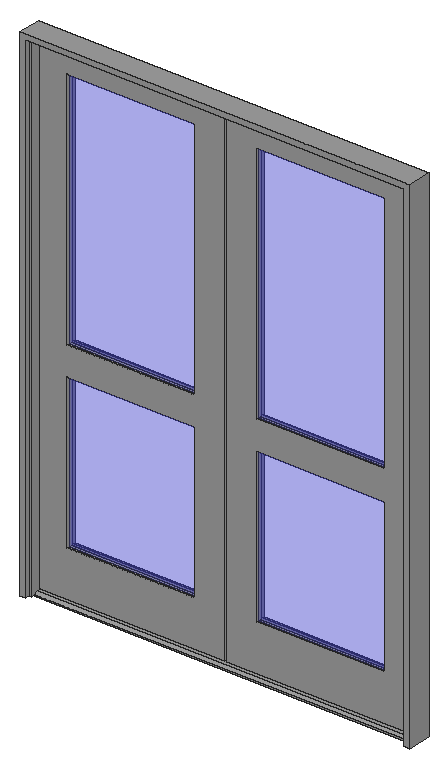
Revit family "WS-500 DOOR-Double-VIP-1-PD-CW_v05", category Curtain Panels, Revit 2015
Parameters
  Width [instance] = 6' - 2"
  VIP2 Panic Devices [instance] = not(VIP1 Panic Devices)  # yes
  URL = "obe.com"
  Rough Width [instance] = 6' - 0"
  Panel Width [instance] = Min Panel Width  # 6' - 0"
  Panel Offset [instance] = 0' - 0"
  Offset [instance] = 0' - 1"
  Model = "WS-500 DOOR"
  Min Rough Width [instance] = if(Rough Width > 6' 1 255/256", Rough Width, 6' 2")  # 6' - 2"
  Min Panel Width [instance] = if(Rough Width > 6' 1 255/256", Rough Width - 0' 2", 6' 0")  # 6' - 0"
  Manufacturer = "Oldcastle BuildingEnvelope®"
  Keynote = "08 11 00"
  Height [instance] = 8' - 0"
  Pushbar Height [instance] = 3' - 5 1/4"  # constant formula
  Glass Material = Glass
  Frame Material = Aluminum
  Door Panel Height [instance] = Height - 0' 0 19/32"  # 7' - 11 13/32"
  Description = "WS-500 - 1\" Door Infill"
  Assembly Code = "B2030"
  Analytic Construction = "<None>"
  VIP1 Panic Devices [instance] = no
  10 Bottom Rail [instance] = not([8 Bottom Rail])  # no
  8 Bottom Rail [instance] = yes
Reference planes (in)
  plane 1 "Front": y = 0
  plane 2: z = 0
  plane 3 "Center (Left/Right)": x = 0
  plane 4 "Left": x = -37
  plane 5 "Right": x = 37
  plane 6 "Top": z = 96
  plane 7 "Offset": y = -1
  plane 8: y = -2.28244
  plane 9: y = -2.28244
  plane 10: x = -37
  plane 11: x = 37
Forms (in)
  Sweep 1, solid, material "Aluminum" <- "Frame Material"
    path origin (0, -1, 0) x (-1, 0, 0) y (0, 0, 1)
      loop
        line (37, 0) -> (37, 96)
    profile origin (-37, -1, 48) x (1, 0, 0) y (0, 1, 0)
      loop
        line (1, -1.97) -> (1, 0) -> (0, 0) -> (0, -4.5) -> (1, -4.5) -> (1, -3.595) -> (1.5, -3.595) -> (1.5, -1.97) -> (1, -1.97)
  Sweep 2, solid, material "Aluminum" <- "Frame Material"
    path origin (0, -1, 0) x (-1, 0, 0) y (0, 0, 1)
      loop
        line (-37, 0) -> (-37, 96)
    profile origin (37, -1, 48) x (1, 0, 0) y (0, 1, 0)
      loop
        line (-1, -1.97) -> (-1.5, -1.97) -> (-1.5, -3.595) -> (-1, -3.595) -> (-1, -4.5) -> (0, -4.5) -> (0, 0) -> (-1, 0) -> (-1, -1.97)
  Extrusion 3, solid, material "Aluminum" <- "Frame Material"
    sketch origin (-37, 0, 0) x (0, -1, 0) y (0, 0, 1)
      loop
        line (2.97, 94.5) -> (4.595, 94.5) -> (4.595, 95) -> (5.5, 95) -> (5.5, 96) -> (1, 96) -> (1, 95) -> (2.97, 95) -> (2.97, 94.5)
    from -74 to 0
Cuts and joins
  joined: Sweep 1, Sweep 2, Extrusion 3
Text (in)
  text "Exterior" at (-54.29358, 31.38743, 0), in view "Ref. Level"
  text "Exterior" at (480, 41.53993, 89.60405), in view "Right"
  text "Exterior" at (-240, 57.82419, 105.78864), in view "Left"
Dimensions and locks (in)
  equal spacing: plane 4 "Left", plane 3 "Center (Left/Right)", plane 5 "Right"
  "Width": plane 4 "Left" to plane 5 "Right"
  "Height": plane 6 "Top" to plane 2
  "Offset": plane 1 "Front" to plane 7 "Offset"
  locked: plane 7 "Offset" to plane 8 at 1.28244
  locked: plane 7 "Offset" to plane 9 at 1.28244
  locked: plane 7 "Offset" to nested 3 at 1.28244
  Extrusion 3 sketch curve to Extrusion 3 sketch curve to Extrusion 3 sketch curve = 0' - 0 1/2" locked, 0' - 0" locked
  Extrusion 3 sketch curve to Extrusion 3 sketch curve to Extrusion 3 sketch curve to Extrusion 3 sketch curve = 0' - 1.97" locked, 0' - 1 5/8" locked, 0' - 0.905" locked
  locked: Extrusion 3 sketch curve to Extrusion 3 sketch curve at 1
  equal spacing: plane 10, plane 3 "Center (Left/Right)", plane 11
  "Min Rough Width": plane 10 to plane 11
  aligned and locked: level to plane 2
  aligned and locked: nested 1 to plane 8
  aligned and locked: plane 9 to nested 2
  aligned and locked: plane 6 "Top" to Sweep 1 sketch curve
  aligned and locked: level to Sweep 1 sketch curve
  aligned and locked: plane 6 "Top" to Sweep 2 sketch curve
  aligned and locked: level to Sweep 2 sketch curve
  aligned and locked: plane 6 "Top" to nested 3
  aligned and locked: Extrusion 3 to plane 6 "Top"
  aligned and locked: Extrusion 3 sketch curve to plane 6 "Top"
  aligned and locked: plane 3 "Center (Left/Right)" to nested 4
  aligned and locked: nested 4 to plane 7 "Offset"  (x2)
  aligned and locked: nested 2 to plane 10
  aligned and locked: plane 11 to nested 1
  aligned and locked: Sweep 1 sketch curve to plane 10
  aligned and locked: plane 11 to Sweep 2 sketch curve
  aligned and locked: cut or joined group of Sweep 1, Sweep 2, Extrusion 3 to plane 11
  aligned and locked: cut or joined group of Sweep 1, Sweep 2, Extrusion 3 to plane 10
Automatic sketch dimensions
  Sweep 1 sketch curve to profile plane = 0' - 0"
  Sweep 1 sketch curve to plane 7 "Offset" = 0' - 0"
  Sweep 1 sketch curve to profile plane = 0' - 1"  (x2)
  Sweep 1 sketch curve to Sweep 1 sketch curve = 0' - 0 1/2"
  Sweep 1 sketch curve to plane 7 "Offset" = 0' - 1.97"
  Sweep 1 sketch curve to Sweep 1 sketch curve = 0' - 1 5/8"
  Sweep 1 sketch curve to Sweep 1 sketch curve = 0' - 0.905"
  Sweep 2 sketch curve to plane 7 "Offset" = 0' - 0"
  Sweep 2 sketch curve to profile plane = 0' - 0"
  profile plane to Sweep 2 sketch curve = 0' - 1"  (x2)
  Sweep 2 sketch curve to Sweep 2 sketch curve = 0' - 0 1/2"
  Sweep 2 sketch curve to plane 7 "Offset" = 0' - 1.97"
  Sweep 2 sketch curve to Sweep 2 sketch curve = 0' - 1 5/8"
  Sweep 2 sketch curve to Sweep 2 sketch curve = 0' - 0.905"
  Extrusion 3 sketch curve to plane 7 "Offset" = 0' - 0"
Nested families (in)
  nested 1: "2.5x6-RTCIG CW-H8533-DHD-OHD SC-DI" at (37, -2.28244, 0) x (0, -1, 0) z (0, 0, 1), type "2.5x6-RTCIG CW-H8533-DHD-OHD SC-DI"
  nested 2: "2.5x6-RTCIG CW-H8533-DHD-OHD SC-DI" at (-37, -2.28244, 0) x (0, -1, 0) z (0, 0, 1), type "2.5x6-RTCIG CW-H8533-DHD-OHD SC-DI"
  nested 3: "2.5x6-RTCIG CW-H8533-DHD-OHD SC-DI" at (-33, -2.28244, 96) x (0, -1, 0) z (-1, 0, 0), type "2.5x6-RTCIG CW-H8533-DHD-OHD SC-DI"
  nested 4: "WS-500 DOOR-Double-VIP-1-PD-Panel_v04" at (0, -17, 0), Height <- "Door Panel Height", Frame Material <- "Frame Material", Glass Material <- "Glass Material", Width <- "Min Panel Width", VIP1 Panic Devices <- "VIP1 Panic Devices", 8 Bottom Rail <- "8 Bottom Rail", type "WS-500 DOOR-Double-VIP-1-PD-Panel_v04"
    with Wing Width 3' - 0", built-in parameter 1001301 6' - 0", VIP2 Panic Devices yes, VIP1 Panic Devices no, Pushbar Height 3' - 5 1/4", Offset 0' - 0", built-in parameter 1001300 7' - 11 13/32", Glass at Muntin 0' - 4 15/16", Glass Material Glass, Frame Material Aluminum, Bottom Rail 0' - 9 5/32", 8 Bottom Rail yes, 10 Bottom Rail no
Definition of nested family "WS-500 DOOR-Double-VIP-1-PD-Panel_v04"
  Parameters (values of type "WS-500 DOOR-Double-VIP-1-PD-Panel_v04")
    Wing Width [instance] = Width / 2  # 3' - 0"
    Width [instance] = 6' - 0"
    VIP2 Panic Devices [instance] = not(VIP1 Panic Devices)  # no
    VIP1 Panic Devices [instance] = yes
    Offset [instance] = 0' - 10 29/32"
    Height [instance] = 8' - 0"
    Glass at Muntin [instance] = if(VIP1 Panic Devices, 0' 8 15/16", 0' 4 15/16")  # 0' - 8 15/16"
    Pushbar Height [instance] = 3' - 5 1/4"  # constant formula
    Glass Material [instance] = none
    Frame Material [instance] = none
    Bottom Rail [instance] = if([8 Bottom Rail], 0' 9 5/32", 0' 11 5/32")  # 0' - 9 5/32"
    Analytic Construction = "<None>"
    8 Bottom Rail [instance] = yes
    10 Bottom Rail [instance] = not([8 Bottom Rail])  # no
  Reference planes (in)
    plane 1 "Offset": y = 4.09375
    plane 2: z = 0
    plane 3 "Center (Left/Right)": x = 0
    plane 4: z = 96
    plane 5: x = 36
    plane 6: x = -36
    plane 7 "Center (Front/Back)": y = 16
    plane 8 "Exterior": y = 4.59375
    plane 9: z = 48
    plane 10: z = 36.78125
    plane 11: z = 45.71875
    plane 12: z = 91
    plane 13: z = 9.15625
    plane 14: y = 5.09375
    plane 15: z = 41.25
  Forms (in)
    Sweep 1, solid, material <- "Frame Material"
      path origin (0, 4.09375, 0) x (1, 0, 0) y (0, 0, 1)
        loop
          line (-35.798, 96) -> (-0.22004, 96)
      profile origin (-18.00902, 4.09375, 96) x (0, 0, 1) y (0, -1, 0)
        loop
          line (-0.40625, -0.875) -> (-0.40625, 0.875) -> (-5.28125, 0.875) -> (-5.28125, 0.5) -> (-5, 0.5) -> (-5, -0.5) -> (-5.28125, -0.5) -> (-5.28125, -0.875) -> (-0.40625, -0.875)
    Sweep 2, solid, material <- "Frame Material"
      path origin (0, 4.09375, 0) x (1, 0, 0) y (0, 0, 1)
        loop
          line (-0.22004, 0) -> (-35.798, 0)
      profile origin (-18.00902, 4.09375, 0) x (0, 0, -1) y (0, -1, 0)
        loop
          line (-9.4375, -0.875) -> (-0.6875, -0.875) -> (-0.6875, 0.875) -> (-9.4375, 0.875) -> (-9.4375, 0.5) -> (-9.15625, 0.5) -> (-9.15625, -0.5) -> (-9.4375, -0.5) -> (-9.4375, -0.875)
    Sweep 3, solid, material <- "Frame Material"
      path origin (0, 4.09375, 0) x (1, 0, 0) y (0, 0, 1)
        loop
          line (36, 95.59375) -> (36, 0.6875)
      profile origin (36, 4.09375, 48.14062) x (0, -1, 0) y (1, 0, 0)
        loop
          line (-0.875, -0.093) -> (-0.875, -5.843) -> (-0.5, -5.843) -> (-0.5, -5.56175) -> (0.5, -5.56175) -> (0.5, -5.843) -> (0.875, -5.843) -> (0.875, -0.202) -> (-0.875, -0.093)
    Sweep 4, solid, material <- "Frame Material"
      path origin (0, 4.09375, 0) x (1, 0, 0) y (0, 0, 1)
        loop
          line (-36, 95.59375) -> (-36, 0.6875)
      profile origin (-36, 4.09375, 48.14062) x (0, -1, 0) y (1, 0, 0)
        loop
          line (-0.875, 0.093) -> (0.875, 0.202) -> (0.875, 5.843) -> (0.5, 5.843) -> (0.5, 5.56175) -> (-0.5, 5.56175) -> (-0.5, 5.843) -> (-0.875, 5.843) -> (-0.875, 0.093)
    Sweep 5, solid, material <- "Frame Material"
      path origin (0, 4.09375, 0) x (1, 0, 0) y (0, 0, 1)
        loop
          line (-5.53125, 48) -> (-30.43825, 48)
      profile origin (-17.98475, 4.09375, 48) x (0, 0, -1) y (0, -1, 0)
        loop
          line (11.5, -0.875) -> (11.5, -0.5) -> (11.21875, -0.5) -> (11.21875, 0.5) -> (11.5, 0.5) -> (11.5, 0.875) -> (2, 0.875) -> (2, 0.5) -> (2.28125, 0.5) -> (2.28125, -0.5) -> (2, -0.5) -> (2, -0.875) -> (11.5, -0.875)
    Sweep 6, solid, material <- "Frame Material"
      path origin (0, 4.09375, 0) x (1, 0, 0) y (0, 0, 1)
        loop
          line (0, 95.59375) -> (0, 0.6875)
      profile origin (0, 4.09375, 48.14062) x (0, -1, 0) y (1, 0, 0)
        loop
          line (-0.875, -0.22063) -> (-0.875, -5.8125) -> (-0.5, -5.8125) -> (-0.5, -5.53125) -> (0.5, -5.53125) -> (0.5, -5.8125) -> (0.875, -5.8125) -> (0.875, -0.22063)
          arc (0.875, -0.22063) -> (0, -0.0625) -> (-0.875, -0.22063) r 2.5
        loop
          line (0.875, 5.8125) -> (0.5, 5.8125) -> (0.5, 5.53125) -> (-0.5, 5.53125) -> (-0.5, 5.8125) -> (-0.875, 5.8125) -> (-0.875, 0.22063)
          arc (-0.875, 0.22063) -> (0, 0.0625) -> (0.875, 0.22063) r 2.5
          line (0.875, 0.22063) -> (0.875, 5.8125)
    Sweep 7, solid, material <- "Frame Material"
      path origin (0, 4.09375, 0) x (1, 0, 0) y (0, 0, 1)
        loop
          line (0.22004, 96) -> (35.798, 96)
      profile origin (18.00902, 4.09375, 96) x (0, 0, 1) y (0, -1, 0)
        loop
          line (-0.40625, -0.875) -> (-0.40625, 0.875) -> (-5.28125, 0.875) -> (-5.28125, 0.5) -> (-5, 0.5) -> (-5, -0.5) -> (-5.28125, -0.5) -> (-5.28125, -0.875) -> (-0.40625, -0.875)
    Sweep 8, solid, material <- "Frame Material"
      path origin (0, 4.09375, 0) x (1, 0, 0) y (0, 0, 1)
        loop
          line (30.43825, 48) -> (5.53125, 48)
      profile origin (17.98475, 4.09375, 48) x (0, 0, -1) y (0, -1, 0)
        loop
          line (11.5, -0.875) -> (11.5, -0.5) -> (11.21875, -0.5) -> (11.21875, 0.5) -> (11.5, 0.5) -> (11.5, 0.875) -> (2, 0.875) -> (2, 0.5) -> (2.28125, 0.5) -> (2.28125, -0.5) -> (2, -0.5) -> (2, -0.875) -> (11.5, -0.875)
    Sweep 9, solid, material <- "Frame Material"
      path origin (0, 4.09375, 0) x (1, 0, 0) y (0, 0, 1)
        loop
          line (35.798, 0) -> (0.22004, 0)
      profile origin (18.00902, 4.09375, 0) x (0, 0, -1) y (0, -1, 0)
        loop
          line (-9.4375, -0.5) -> (-9.4375, -0.875) -> (-0.6875, -0.875) -> (-0.6875, 0.875) -> (-9.4375, 0.875) -> (-9.4375, 0.5) -> (-9.15625, 0.5) -> (-9.15625, -0.5) -> (-9.4375, -0.5)
    Extrusion 10, solid, material <- "Glass Material", detail levels coarse
      sketch origin (0, 0, 0) x (1, 0, 0) y (0, 1, 0)
        loop
          line (-30.43825, 4.59375) -> (-30.43825, 3.59375) -> (-5.53125, 3.59375) -> (-5.53125, 4.59375) -> (-30.43825, 4.59375)
      from 9.15625 to 36.78125
    Extrusion 11, solid, material <- "Glass Material", detail levels coarse
      sketch origin (0.31207, 0, 0) x (1, 0, 0) y (0, 1, 0)
        loop
          line (5.53125, 4.59375) -> (5.53125, 3.59375) -> (30.12618, 3.59375) -> (30.12618, 4.59375) -> (5.53125, 4.59375)
      from 9.15625 to 36.78125
    Extrusion 12, solid, material <- "Glass Material", detail levels coarse
      sketch origin (0, 0, 0) x (1, 0, 0) y (0, 1, 0)
        loop
          line (-5.53125, 4.59375) -> (-30.43825, 4.59375) -> (-30.43825, 3.59375) -> (-5.53125, 3.59375) -> (-5.53125, 4.59375)
      from 45.71875 to 91
    Extrusion 13, solid, material <- "Glass Material", detail levels coarse
      sketch origin (0, 0, 0) x (1, 0, 0) y (0, 1, 0)
        loop
          line (30.43825, 4.59375) -> (5.53125, 4.59375) -> (5.53125, 3.59375) -> (30.43825, 3.59375) -> (30.43825, 4.59375)
      from 45.71875 to 91
    Extrusion 14, solid, material <- "Glass Material", detail levels medium+fine
      sketch origin (0, 0, 0) x (1, 0, 0) y (0, 1, 0)
        loop
          line (5.53125, 3.59375) -> (30.43825, 3.59375) -> (30.43825, 3.84175) -> (5.53125, 3.84175) -> (5.53125, 3.59375)
        loop
          line (30.43825, 4.59375) -> (5.53125, 4.59375) -> (5.53125, 4.34575) -> (30.43825, 4.34575) -> (30.43825, 4.59375)
      from 9.15625 to 36.78125
    Extrusion 15, solid, material <- "Glass Material", detail levels medium+fine
      sketch origin (0, 0, 0) x (1, 0, 0) y (0, 1, 0)
        loop
          line (30.43825, 3.59375) -> (30.43825, 3.84175) -> (5.53125, 3.84175) -> (5.53125, 3.59375) -> (30.43825, 3.59375)
        loop
          line (5.53125, 4.59375) -> (5.53125, 4.34575) -> (30.43825, 4.34575) -> (30.43825, 4.59375) -> (5.53125, 4.59375)
      from 45.71875 to 91
    Extrusion 16, solid, material <- "Glass Material", detail levels medium+fine
      sketch origin (0, 0, 0) x (1, 0, 0) y (0, 1, 0)
        loop
          line (-5.53125, 3.59375) -> (-5.53125, 3.84175) -> (-30.43825, 3.84175) -> (-30.43825, 3.59375) -> (-5.53125, 3.59375)
        loop
          line (-30.43825, 4.59375) -> (-30.43825, 4.34575) -> (-5.53125, 4.34575) -> (-5.53125, 4.59375) -> (-30.43825, 4.59375)
      from 45.71875 to 91
    Extrusion 17, solid, material <- "Glass Material", detail levels medium+fine
      sketch origin (0, 0, 0) x (1, 0, 0) y (0, 1, 0)
        loop
          line (-30.43825, 3.59375) -> (-5.53125, 3.59375) -> (-5.53125, 3.84175) -> (-30.43825, 3.84175) -> (-30.43825, 3.59375)
        loop
          line (-5.53125, 4.59375) -> (-30.43825, 4.59375) -> (-30.43825, 4.34575) -> (-5.53125, 4.34575) -> (-5.53125, 4.59375)
      from 9.15625 to 36.78125
    Sweep 18, solid, material <- "Frame Material"
      path origin (0, 4.09375, 0) x (1, 0, 0) y (0, 0, 1)
        loop
          line (-35.79762, 0) -> (35.79763, 0)
      profile origin (0, 4.09375, 0) x (0, 0, 1) y (0, -1, 0)
        loop
          line (0.5, -1.1555) -> (0.5, 1.5305) -> (0.19364, 2.1875) -> (0, 2.1875) -> (0, -1.8125) -> (0.19364, -1.8125) -> (0.5, -1.1555)
  Cuts and joins
    joined: Sweep 1, Sweep 2, Sweep 3, Sweep 4, Sweep 5, Sweep 6, Sweep 7, Sweep 8, Sweep 9
  Lines and regions (in)
    model lines
      curve 1: line (5.53125, 4.59375, 91) -> (30.53125, 4.59375, 48)
      curve 2: line (30.53125, 4.59375, 48) -> (5.53125, 4.59375, 9.15625)
      curve 3: line (-5.53125, 4.59375, 91) -> (-30.53125, 4.59375, 48)
      curve 4: line (-30.53125, 4.59375, 48) -> (-5.53125, 4.59375, 9.15625)
  Dimensions and locks (in)
    "Height": plane 4 to level
    "Width": plane 6 to plane 5
    "Offset": plane 14 to plane 7 "Center (Front/Back)"
    equal spacing: level, plane 9, plane 4
    locked: Sweep 2 sketch curve to plane 6 at 0.202
    locked: plane 3 "Center (Left/Right)" to Sweep 2 sketch curve at 0.22004
    locked: Sweep 3 sketch curve to plane 4 at 0.40625
    locked: Sweep 4 sketch curve to plane 4 at 0.40625
    locked: Sweep 1 sketch curve to plane 6 at 0.202
    locked: plane 3 "Center (Left/Right)" to Sweep 1 sketch curve at 0.22004
    locked: plane 3 "Center (Left/Right)" to Sweep 5 sketch curve at 5.53125
    locked: Sweep 5 sketch curve to plane 6 at 5.56175
    locked: Sweep 7 sketch curve to plane 3 "Center (Left/Right)" at 0.22004
    locked: plane 5 to Sweep 7 sketch curve at 0.202
    locked: plane 5 to Sweep 8 sketch curve at 5.56175
    locked: Sweep 8 sketch curve to plane 3 "Center (Left/Right)" at 5.53125
    locked: plane 5 to Sweep 9 sketch curve at 0.202
    locked: Sweep 9 sketch curve to plane 3 "Center (Left/Right)" at 0.22004
    "Bottom Rail": level to Extrusion 10
    Extrusion 11 sketch curve to plane 1 "Offset" to Extrusion 11 sketch curve = 0' - 0 1/2", 0' - 0 1/2"
    plane 3 "Center (Left/Right)" to Extrusion 11 sketch curve = 0' - 5.84332"
    Extrusion 10 sketch curve to plane 1 "Offset" to Extrusion 10 sketch curve = 0' - 0 1/2" locked, 0' - 0 1/2" locked
    locked: Extrusion 10 sketch curve to plane 3 "Center (Left/Right)" at 5.53125
    locked: Extrusion 12 sketch curve to plane 3 "Center (Left/Right)" at 5.53125
    Extrusion 12 sketch curve to plane 1 "Offset" to Extrusion 12 sketch curve = 0' - 0 1/2" locked, 0' - 0 1/2" locked
    Extrusion 13 sketch curve to plane 1 "Offset" to Extrusion 13 sketch curve = 0' - 0 1/2" locked, 0' - 0 1/2" locked
    locked: plane 3 "Center (Left/Right)" to Extrusion 13 sketch curve at 5.53125
    "Glass at Muntin": plane 10 to plane 11
    locked: plane 12 to plane 4 at 5
    locked: Sweep 8 sketch curve to plane 10 at 0.28125  (x2)
    locked: plane 11 to Sweep 8 sketch curve at 0.28125  (x2)
    locked: plane 13 to Sweep 9 sketch curve at 0.28125  (x2)
    locked: plane 3 "Center (Left/Right)" to Extrusion 14 sketch curve at 5.53125  (x2)
    Extrusion 14 sketch curve to Extrusion 14 sketch curve to plane 1 "Offset" to Extrusion 14 sketch curve to Extrusion 14 sketch curve = 0' - 0.248" locked, 0' - 0.252" locked, 0' - 0.252" locked, 0' - 0.248" locked
    Extrusion 15 sketch curve to Extrusion 15 sketch curve to plane 1 "Offset" to Extrusion 15 sketch curve to Extrusion 15 sketch curve = 0' - 0.248" locked, 0' - 0.252" locked, 0' - 0.252" locked, 0' - 0.248" locked
    locked: plane 3 "Center (Left/Right)" to Extrusion 15 sketch curve at 5.53125  (x2)
    locked: Sweep 5 sketch curve to plane 10 at 0.28125  (x2)
    locked: plane 11 to Sweep 5 sketch curve at 0.28125  (x2)
    locked: Extrusion 16 sketch curve to plane 3 "Center (Left/Right)" at 5.53125  (x2)
    Extrusion 17 sketch curve to Extrusion 17 sketch curve to plane 1 "Offset" to Extrusion 17 sketch curve to Extrusion 17 sketch curve = 0' - 0.248" locked, 0' - 0.252" locked, 0' - 0.252" locked, 0' - 0.248" locked
    locked: Extrusion 17 sketch curve to plane 3 "Center (Left/Right)" at 5.53125  (x2)
    locked: plane 13 to Sweep 2 sketch curve at 0.28125  (x2)
    plane 1 "Offset" to plane 8 "Exterior" to plane 14 = 0' - 0 1/2" locked, 0' - 0 1/2" locked
    locked: plane 4 to Sweep 6 sketch curve at 0.40625
    locked: plane 6 to Extrusion 16 sketch curve at 5.56175  (x2)
    locked: plane 6 to Extrusion 12 sketch curve at 5.56175
    locked: plane 6 to Extrusion 17 sketch curve at 5.56175  (x2)
    locked: plane 6 to Extrusion 10 sketch curve at 5.56175
    locked: Extrusion 15 sketch curve to plane 5 at 5.56175  (x2)
    locked: Extrusion 13 sketch curve to plane 5 at 5.56175
    Extrusion 14 sketch curve to plane 5 = 0' - 5.56175"  (x2)
    locked: Extrusion 11 sketch curve to plane 5 at 5.56175
    "Bottom Rail": plane 2 to plane 13
    equal spacing: plane 6, plane 3 "Center (Left/Right)", plane 5
    Extrusion 16 sketch curve to Extrusion 16 sketch curve to plane 1 "Offset" to Extrusion 16 sketch curve to Extrusion 16 sketch curve = 0' - 0.248" locked, 0' - 0.252" locked, 0' - 0.252" locked, 0' - 0.248" locked
    equal spacing: plane 10, plane 15, plane 11
    "Pushbar Height": plane 2 to plane 15
    locked: plane 5 to Sweep 18 sketch curve at 0.20237
    locked: Sweep 18 sketch curve to plane 6 at 0.20238
    locked: Sweep 4 sketch curve to plane 2 at 0.6875
    locked: Sweep 6 sketch curve to plane 2 at 0.6875
    locked: Sweep 3 sketch curve to plane 2 at 0.6875
    aligned and locked: plane 2 to level
    aligned and locked: Sweep 1 sketch curve to plane 4
    aligned and locked: Sweep 2 sketch curve to level
    aligned and locked: level to nested 1
    aligned and locked: nested 1 to plane 1 "Offset"
    aligned and locked: plane 5 to Sweep 3 sketch curve
    aligned and locked: plane 6 to Sweep 4 sketch curve
    aligned and locked: Sweep 5 sketch curve to plane 9
    aligned and locked: plane 3 "Center (Left/Right)" to Sweep 6 sketch curve
    aligned and locked: Sweep 9 sketch curve to level
    aligned and locked: Sweep 8 sketch curve to plane 9
    aligned and locked: plane 4 to Sweep 7 sketch curve
    aligned and locked: plane 11 to Sweep 8 sketch curve
    aligned and locked: Sweep 8 sketch curve to plane 10
    aligned and locked: Sweep 9 sketch curve to plane 13
    aligned and locked: Extrusion 11 to plane 10
    aligned and locked: plane 13 to Extrusion 11
    aligned and locked: plane 13 to Extrusion 14
    aligned and locked: Extrusion 14 to plane 10
    aligned and locked: plane 11 to Extrusion 13
    aligned and locked: Extrusion 13 to plane 12
    aligned and locked: Extrusion 15 to plane 12
    aligned and locked: plane 11 to Extrusion 15
    aligned and locked: plane 11 to Sweep 5 sketch curve
    aligned and locked: Sweep 5 sketch curve to plane 10
    aligned and locked: plane 11 to Extrusion 12
    aligned and locked: plane 11 to Extrusion 16
    aligned and locked: Extrusion 12 to plane 12
    aligned and locked: Extrusion 16 to plane 12
    aligned and locked: Extrusion 17 to plane 10
    aligned and locked: Extrusion 10 to plane 10
    aligned and locked: plane 13 to Sweep 2 sketch curve
    aligned and locked: cut or joined group of Sweep 1, Sweep 2, Sweep 3, Sweep 4, Sweep 5, Sweep 6, Sweep 7, Sweep 8, Sweep 9 to curve 2
    aligned and locked: cut or joined group of Sweep 1, Sweep 2, Sweep 3, Sweep 4, Sweep 5, Sweep 6, Sweep 7, Sweep 8, Sweep 9 to curve 1
    aligned and locked: cut or joined group of Sweep 1, Sweep 2, Sweep 3, Sweep 4, Sweep 5, Sweep 6, Sweep 7, Sweep 8, Sweep 9 to curve 3
    aligned and locked: cut or joined group of Sweep 1, Sweep 2, Sweep 3, Sweep 4, Sweep 5, Sweep 6, Sweep 7, Sweep 8, Sweep 9 to curve 4
    aligned and locked: plane 9 to curve 3
    aligned and locked: plane 9 to curve 2
    aligned and locked: nested 2 to plane 3 "Center (Left/Right)"
    aligned and locked: plane 1 "Offset" to nested 2
    aligned and locked: plane 13 to Extrusion 17
    aligned and locked: Sweep 18 sketch curve to plane 2
  Automatic sketch dimensions
    Sweep 4 sketch curve to plane 1 "Offset" = 0' - 0 7/8"
    Sweep 4 sketch curve to profile plane = 0' - 0.093"
    plane 1 "Offset" to Sweep 4 sketch curve = 0' - 0 7/8"
    Sweep 4 sketch curve to Sweep 4 sketch curve = 0' - 0.109"
    Sweep 4 sketch curve to Sweep 4 sketch curve = 0' - 5 3/4"
    Sweep 4 sketch curve to Sweep 4 sketch curve = 0' - 0"
    Sweep 4 sketch curve to Sweep 4 sketch curve = 0' - 0 3/8"  (x2)
    Sweep 4 sketch curve to Sweep 4 sketch curve = 0' - 0 9/32"
    plane 1 "Offset" to Sweep 6 sketch curve = 0' - 0"
    profile plane to Sweep 6 sketch curve = 0' - 0.22063"  (x2)
    Sweep 6 sketch curve to Sweep 6 sketch curve = 0' - 2.34187"  (x2)
    Sweep 6 sketch curve to Sweep 6 sketch curve = 0' - 3 1/4"
    Sweep 6 sketch curve to Sweep 6 sketch curve = 0' - 0 3/8"  (x4)
    Sweep 6 sketch curve to Sweep 6 sketch curve = 0' - 0 9/32"  (x4)
    plane 1 "Offset" to Sweep 6 sketch curve = 0' - 0 1/2"
    plane 1 "Offset" to Sweep 6 sketch curve = 0' - 0 7/8"
    Sweep 6 sketch curve to profile plane = 0' - 5 13/16"
    Sweep 6 sketch curve to profile plane = 0' - 0.22063"  (x2)
    Sweep 6 sketch curve to plane 1 "Offset" = 0' - 0 1/2"
    Sweep 3 sketch curve to plane 1 "Offset" = 0' - 0 7/8"
    profile plane to Sweep 3 sketch curve = 0' - 0.202"
    Sweep 3 sketch curve to Sweep 3 sketch curve = 0' - 0.109"
    Sweep 3 sketch curve to Sweep 3 sketch curve = 0' - 5 3/4"
    Sweep 3 sketch curve to Sweep 3 sketch curve = 0' - 0 3/8"  (x2)
    Sweep 3 sketch curve to Sweep 3 sketch curve = 0' - 0 9/32"  (x2)
    plane 1 "Offset" to Sweep 3 sketch curve = 0' - 0 1/2"
    Sweep 8 sketch curve to plane 1 "Offset" = 0' - 0 7/8"
    Sweep 8 sketch curve to Sweep 8 sketch curve = 0' - 0 3/8"  (x4)
    plane 1 "Offset" to Sweep 8 sketch curve = 0' - 0 1/2"
    Sweep 9 sketch curve to Sweep 9 sketch curve = 0' - 0 3/8"  (x2)
    plane 1 "Offset" to Sweep 9 sketch curve = 0' - 0 1/2"
    profile plane to Sweep 9 sketch curve = 0' - 0 11/16"
    profile plane to Sweep 1 sketch curve = 0' - 0 13/32"
    Sweep 1 sketch curve to plane 1 "Offset" = 0' - 0 7/8"
    Sweep 1 sketch curve to Sweep 1 sketch curve = 0' - 4 7/8"
    plane 1 "Offset" to Sweep 1 sketch curve = 0' - 0 7/8"
    Sweep 1 sketch curve to Sweep 1 sketch curve = 0' - 0"
    Sweep 1 sketch curve to Sweep 1 sketch curve = 0' - 0 3/8"  (x2)
    Sweep 1 sketch curve to Sweep 1 sketch curve = 0' - 0 9/32"
    plane 1 "Offset" to Sweep 5 sketch curve = 0' - 0 7/8"
    Sweep 5 sketch curve to plane 1 "Offset" = 0' - 0 1/2"
    Sweep 5 sketch curve to Sweep 5 sketch curve = 0' - 0 3/8"  (x4)
    profile plane to Sweep 7 sketch curve = 0' - 0 13/32"
    Sweep 7 sketch curve to plane 1 "Offset" = 0' - 0 7/8"
    Sweep 7 sketch curve to Sweep 7 sketch curve = 0' - 4 7/8"
    plane 1 "Offset" to Sweep 7 sketch curve = 0' - 0 7/8"
    Sweep 7 sketch curve to Sweep 7 sketch curve = 0' - 0"
    Sweep 7 sketch curve to Sweep 7 sketch curve = 0' - 0 3/8"  (x2)
    Sweep 7 sketch curve to Sweep 7 sketch curve = 0' - 0 9/32"
    profile plane to Sweep 2 sketch curve = 0' - 0 11/16"
    Sweep 2 sketch curve to Sweep 2 sketch curve = 0' - 0 3/8"  (x2)
    plane 1 "Offset" to Sweep 2 sketch curve = 0' - 0 7/8"
    curve 2 to plane 13 = 0' - 0"
    curve 4 to plane 13 = 0' - 0"
    curve 3 to plane 12 = 0' - 0"
    curve 1 to plane 12 = 0' - 0"
    plane 6 to curve 3 = 0' - 5 15/32"
    curve 2 to plane 5 = 0' - 5 15/32"
    Sweep 2 sketch curve to plane 1 "Offset" = 0' - 0 7/8"
    Sweep 9 sketch curve to plane 1 "Offset" = 0' - 0 7/8"
    Sweep 18 sketch curve to profile plane = 0' - 0 1/2"
    Sweep 18 sketch curve to plane 1 "Offset" = 0' - 1.1555"
    Sweep 18 sketch curve to profile plane = 0' - 0.19364"  (x2)
    Sweep 18 sketch curve to Sweep 18 sketch curve = 0' - 0.657"  (x2)
    plane 1 "Offset" to Sweep 18 sketch curve = 0' - 1.5305"
    Sweep 18 sketch curve to profile plane = 0' - 0"
  Nested families (in)
    nested 1: "WS-500 DOOR-Double-VIP-1-PD-Section_v02" at (0, 4.09375, 0) x (0, -1, 0) z (1, 0, 0), Height <- "Height", VIP1 Panic Devices <- "VIP1 Panic Devices", 8 Bottom Rail <- "8 Bottom Rail", type "WS-500 DOOR-Double-VIP-1-PD-Section_v02"
      with VIP2 Panic Devices no, VIP1 Panic Devices yes, Pushbar Height 3' - 5 1/4", Height 8' - 0", Glass at Muntins 0' - 8 15/16", Bottom Rail 0' - 9 5/32", 8 Bottom Rail yes, 10 Bottom Rail no
    nested 2: "WS-500 PIVOT DOOR-Double-VIP-1-Plan View_v02" at (-24, 4.09375, 0), Wing Width <- "Wing Width", type "WS-500 PIVOT DOOR-Double-VIP-1-Plan View_v02"
      with Wing Width 3' - 0"
  Definition of nested family "WS-500 DOOR-Double-VIP-1-PD-Section_v02"
    Parameters (values of type "WS-500 DOOR-Double-VIP-1-PD-Section_v02")
      VIP2 Panic Devices [instance] = not(VIP1 Panic Devices)  # no
      VIP1 Panic Devices [instance] = yes
      Height [instance] = 8' - 0"
      Pushbar Height [instance] = 3' - 5 1/4"  # constant formula
      Glass at Muntins [instance] = if(VIP2 Panic Devices, 0' 4 15/16", 0' 8 15/16")  # 0' - 8 15/16"
      Bottom Rail [instance] = if([10 Bottom Rail], 0' 11 5/32", 0' 9 5/32")  # 0' - 11 5/32"
      10 Bottom Rail [instance] = not([8 Bottom Rail])  # yes
      8 Bottom Rail [instance] = no
    Reference planes (in)
      plane 1 "Center (Front/Back)": y = 0
      plane 2: z = 0
      plane 3 "Center (Left/Right)": x = 0
      plane 4: y = 11.15625
      plane 5: y = 91
      plane 6: y = 96
      plane 7: y = 45.71875
      plane 8: y = 36.78125
      plane 9: y = 46
      plane 10: y = 41.25
      plane 11: y = 44
    Lines and regions (in)
      detail lines, in view "Ref. Level"
        curve 1: line (-0.5, 91, 0) -> (-0.5, 45.71875, 0)
        curve 5: line (0.5, 91, 0) -> (0.5, 45.71875, 0)
        curve 6: line (0.5, 36.78125, 0) -> (0.5, 11.15625, 0)
        curve 10: line (-0.5, 36.78125, 0) -> (-0.5, 11.15625, 0)
      detail lines, in view "Ref. Level", detail levels fine
        curve 2: line (-0.438, 91, 0) -> (-0.438, 45.71875, 0)
        curve 3: line (-0.376, 91, 0) -> (-0.376, 45.71875, 0)
        curve 4: line (-0.314, 91, 0) -> (-0.314, 45.71875, 0)
        curve 7: line (-0.314, 36.78125, 0) -> (-0.314, 11.15625, 0)
        curve 8: line (-0.376, 36.78125, 0) -> (-0.376, 11.15625, 0)
        curve 9: line (-0.438, 36.78125, 0) -> (-0.438, 11.15625, 0)
        curve 11: line (0.438, 36.78125, 0) -> (0.438, 11.15625, 0)
        curve 12: line (0.376, 36.78125, 0) -> (0.376, 11.15625, 0)
        curve 13: line (0.314, 36.78125, 0) -> (0.314, 11.15625, 0)
        curve 16: line (0.314, 91, 0) -> (0.314, 45.71875, 0)
        curve 17: line (0.376, 91, 0) -> (0.376, 45.71875, 0)
        curve 18: line (0.438, 91, 0) -> (0.438, 45.71875, 0)
      detail lines, in view "Ref. Level", detail levels medium+fine
        curve 14: line (0.252, 36.78125, 0) -> (0.252, 11.15625, 0)
        curve 15: line (-0.252, 36.78125, 0) -> (-0.252, 11.15625, 0)
        curve 19: line (-0.252, 91, 0) -> (-0.252, 45.71875, 0)
        curve 20: line (0.252, 91, 0) -> (0.252, 45.71875, 0)
    Dimensions and locks (in)
      "Bottom Rail": plane 4 to plane 1 "Center (Front/Back)"
      "Height": plane 6 to plane 1 "Center (Front/Back)"
      "Glass at Muntins": plane 8 to plane 7
      nested 1 to plane 6 to plane 5 = 0' - 3 3/32" locked, 0' - 5" locked
      plane 10 to plane 11 to plane 9 = 0' - 2 3/4" locked, 0' - 2" locked
      "Pushbar Height": plane 1 "Center (Front/Back)" to plane 10
      equal spacing: plane 8, plane 10, plane 7
      aligned and locked: plane 3 "Center (Left/Right)" to nested 1
      aligned and locked: plane 3 "Center (Left/Right)" to nested 2
      aligned and locked: plane 4 to curve 10
      aligned and locked: plane 4 to curve 9
      aligned and locked: plane 4 to curve 6
      aligned and locked: plane 4 to curve 7
      aligned and locked: plane 4 to curve 8
      aligned and locked: plane 3 "Center (Left/Right)" to nested 3
      aligned and locked: plane 7 to curve 1
      aligned and locked: plane 7 to curve 2
      aligned and locked: plane 7 to curve 3
      aligned and locked: plane 7 to curve 4
      aligned and locked: plane 7 to curve 5
      aligned and locked: plane 8 to curve 6
      aligned and locked: plane 8 to curve 7
      aligned and locked: plane 8 to curve 8
      aligned and locked: plane 8 to curve 9
      aligned and locked: plane 8 to curve 10
      aligned and locked: plane 9 to nested 4
      aligned and locked: plane 3 "Center (Left/Right)" to nested 4
      aligned and locked: plane 3 "Center (Left/Right)" to nested 5
      aligned and locked: plane 1 "Center (Front/Back)" to nested 2
      aligned and locked: plane 1 "Center (Front/Back)" to nested 3
      aligned and locked: plane 4 to curve 15
      aligned and locked: plane 4 to curve 14
      aligned and locked: plane 4 to curve 13
      aligned and locked: plane 4 to curve 12
      aligned and locked: plane 4 to curve 11
      aligned and locked: plane 8 to curve 15
      aligned and locked: plane 8 to curve 14
      aligned and locked: plane 8 to curve 13
      aligned and locked: plane 8 to curve 12
      aligned and locked: plane 8 to curve 11
      aligned and locked: plane 7 to curve 19
      aligned and locked: plane 7 to curve 20
      aligned and locked: plane 7 to curve 16
      aligned and locked: plane 7 to curve 17
      aligned and locked: plane 7 to curve 18
      aligned and locked: plane 5 to curve 3
      aligned and locked: plane 5 to curve 4
      aligned and locked: plane 5 to curve 19
      aligned and locked: plane 5 to curve 20
      aligned and locked: plane 5 to curve 16
      aligned and locked: plane 5 to curve 17
      aligned and locked: plane 5 to curve 18
      aligned and locked: plane 5 to curve 5
      aligned and locked: plane 11 to nested 5
    Automatic sketch dimensions
      curve 1 to plane 5 = 0' - 0"
      curve 2 to plane 5 = 0' - 0"
      curve 1 to plane 3 "Center (Left/Right)" = 0' - 0 1/2"
      curve 10 to plane 3 "Center (Left/Right)" = 0' - 0 1/2"
      curve 1 to curve 2 = 0' - 0.062"
      curve 10 to curve 9 = 0' - 0.062"
      curve 9 to curve 8 = 0' - 0.062"
      curve 2 to curve 3 = 0' - 0.062"
      curve 8 to curve 7 = 0' - 0.062"
      curve 3 to curve 4 = 0' - 0.062"
      curve 7 to curve 15 = 0' - 0.062"
      curve 4 to curve 19 = 0' - 0.062"
      plane 3 "Center (Left/Right)" to curve 20 = 0' - 0.252"
      plane 3 "Center (Left/Right)" to curve 14 = 0' - 0.252"
      curve 14 to curve 13 = 0' - 0.062"
      curve 20 to curve 16 = 0' - 0.062"
      curve 16 to curve 17 = 0' - 0.062"
      curve 13 to curve 12 = 0' - 0.062"
      curve 12 to curve 11 = 0' - 0.062"
      curve 17 to curve 18 = 0' - 0.062"
      curve 18 to curve 5 = 0' - 0.062"
      curve 11 to curve 6 = 0' - 0.062"
    Nested families (in)
      nested 1: "TOP RAIL-DI" at (0, 99.09375, 0), type "TOP RAIL-DI", in view "Ref. Level"
      nested 2: "8 BOT RAIL-DI" at (0, 9.4375, 0), visible <- "8 Bottom Rail", type "8 BOT RAIL-DI", in view "Ref. Level"
      nested 3: "10 BOT RAIL-DI" at (0, 11.4375, 0), visible <- "10 Bottom Rail", type "10 BOT RAIL-DI", in view "Ref. Level"
      nested 4: "MIDRAIL-VIP1-DI" at (0, 46, 0), visible <- "VIP1 Panic Devices", type "MIDRAIL-VIP1-DI", in view "Ref. Level"
      nested 5: "MIDRAIL-VIP2-DI" at (0, 44, 0), visible <- "VIP2 Panic Devices", type "MIDRAIL-VIP2-DI", in view "Ref. Level"
    Definition of nested family "TOP RAIL-DI"
      Reference planes (in)
        plane 1 "Center (Front/Back)": y = 0
        plane 2: z = 0
        plane 3 "Center (Left/Right)": x = 0
      Lines and regions (in)
        detail lines, in view "Ref. Level"
          curve 1: line (-0.875, -3.625, 0) -> (0.875, -3.625, 0)
          curve 2: line (0.875, -3.625, 0) -> (0.875, -8.375, 0)
          curve 3: line (0.875, -8.375, 0) -> (0.5, -8.375, 0)
          curve 4: line (0.5, -8.375, 0) -> (0.5, -8.09375, 0)
          curve 5: line (0.5, -8.09375, 0) -> (-0.5, -8.09375, 0)
          curve 6: line (-0.5, -8.09375, 0) -> (-0.5, -8.375, 0)
          curve 7: line (-0.5, -8.375, 0) -> (-0.875, -8.375, 0)
          curve 8: line (-0.875, -8.375, 0) -> (-0.875, -3.625, 0)
    Definition of nested family "8 BOT RAIL-DI"
      Reference planes (in)
        plane 1 "Center (Front/Back)": y = 0
        plane 2: z = 0
        plane 3 "Center (Left/Right)": x = 0
      Lines and regions (in)
        detail lines, in view "Ref. Level"
          curve 1: line (-0.875, 0, 0) -> (-0.875, -8.75, 0)
          curve 2: line (-0.875, -8.75, 0) -> (0.875, -8.75, 0)
          curve 3: line (0.875, -8.75, 0) -> (0.875, 0, 0)
          curve 4: line (0.875, 0, 0) -> (0.5, 0, 0)
          curve 5: line (0.5, 0, 0) -> (0.5, -0.28125, 0)
          curve 6: line (0.5, -0.28125, 0) -> (-0.5, -0.28125, 0)
          curve 7: line (-0.5, -0.28125, 0) -> (-0.5, 0, 0)
          curve 8: line (-0.5, 0, 0) -> (-0.875, 0, 0)
          curve 9: line (1.5305, -8.9375, 0) -> (-1.1555, -8.9375, 0)
          curve 10: line (-1.1555, -8.9375, 0) -> (-1.8125, -9.24386, 0)
          curve 11: line (-1.8125, -9.24386, 0) -> (-1.8125, -9.43749, 0)
          curve 12: line (-1.8125, -9.43749, 0) -> (2.1875, -9.43749, 0)
          curve 13: line (2.1875, -9.43749, 0) -> (2.1875, -9.24386, 0)
          curve 14: line (2.1875, -9.24386, 0) -> (1.5305, -8.9375, 0)
    Definition of nested family "10 BOT RAIL-DI"
      Reference planes (in)
        plane 1 "Center (Front/Back)": y = 0
        plane 2: z = 0
        plane 3 "Center (Left/Right)": x = 0
      Lines and regions (in)
        detail lines, in view "Ref. Level"
          curve 1: line (-1.1555, -10.9375, 0) -> (1.5305, -10.9375, 0)
          curve 2: line (1.5305, -10.9375, 0) -> (2.1875, -11.24386, 0)
          curve 3: line (2.1875, -11.24386, 0) -> (2.1875, -11.43749, 0)
          curve 4: line (2.1875, -11.43749, 0) -> (-1.8125, -11.43749, 0)
          curve 5: line (-1.8125, -11.43749, 0) -> (-1.8125, -11.24386, 0)
          curve 6: line (-1.8125, -11.24386, 0) -> (-1.1555, -10.9375, 0)
          curve 7: line (-0.875, -10.75, 0) -> (0.875, -10.75, 0)
          curve 8: line (0.875, -10.75, 0) -> (0.875, 0, 0)
          curve 9: line (0.875, 0, 0) -> (0.5, 0, 0)
          curve 10: line (0.5, 0, 0) -> (0.5, -0.28125, 0)
          curve 11: line (0.5, -0.28125, 0) -> (-0.5, -0.28125, 0)
          curve 12: line (-0.5, -0.28125, 0) -> (-0.5, 0, 0)
          curve 13: line (-0.5, 0, 0) -> (-0.875, 0, 0)
          curve 14: line (-0.875, 0, 0) -> (-0.875, -10.75, 0)
    Definition of nested family "MIDRAIL-VIP1-DI"
      Reference planes (in)
        plane 1 "Center (Front/Back)": y = 0
        plane 2: z = 0
        plane 3 "Center (Left/Right)": x = 0
      Lines and regions (in)
        detail lines, in view "Ref. Level"
          curve 1: line (-0.875, 0, 0) -> (-0.5, 0, 0)
          curve 2: line (-0.5, 0, 0) -> (-0.5, -0.28125, 0)
          curve 3: line (-0.5, -0.28125, 0) -> (0.5, -0.28125, 0)
          curve 4: line (0.5, -0.28125, 0) -> (0.5, 0, 0)
          curve 5: line (0.5, 0, 0) -> (0.875, 0, 0)
          curve 6: line (0.875, 0, 0) -> (0.875, -9.5, 0)
          curve 7: line (0.875, -9.5, 0) -> (0.5, -9.5, 0)
          curve 8: line (0.5, -9.5, 0) -> (0.5, -9.21875, 0)
          curve 9: line (0.5, -9.21875, 0) -> (-0.5, -9.21875, 0)
          curve 10: line (-0.5, -9.21875, 0) -> (-0.5, -9.5, 0)
          curve 11: line (-0.5, -9.5, 0) -> (-0.875, -9.5, 0)
          curve 12: line (-0.875, -9.5, 0) -> (-0.875, 0, 0)
    Definition of nested family "MIDRAIL-VIP2-DI"
      Reference planes (in)
        plane 1 "Center (Front/Back)": y = 0
        plane 2: z = 0
        plane 3 "Center (Left/Right)": x = 0
      Lines and regions (in)
        detail lines, in view "Ref. Level"
          curve 1: line (-0.875, 0, 0) -> (-0.5, 0, 0)
          curve 2: line (-0.5, 0, 0) -> (-0.5, -0.28125, 0)
          curve 3: line (-0.5, -0.28125, 0) -> (0.5, -0.28125, 0)
          curve 4: line (0.5, -0.28125, 0) -> (0.5, 0, 0)
          curve 5: line (0.5, 0, 0) -> (0.875, 0, 0)
          curve 6: line (0.875, 0, 0) -> (0.875, -5.5, 0)
          curve 7: line (0.875, -5.5, 0) -> (0.5, -5.5, 0)
          curve 8: line (0.5, -5.5, 0) -> (0.5, -5.21875, 0)
          curve 9: line (0.5, -5.21875, 0) -> (-0.5, -5.21875, 0)
          curve 10: line (-0.5, -5.21875, 0) -> (-0.5, -5.5, 0)
          curve 11: line (-0.5, -5.5, 0) -> (-0.875, -5.5, 0)
          curve 12: line (-0.875, -5.5, 0) -> (-0.875, 0, 0)
  Definition of nested family "WS-500 PIVOT DOOR-Double-VIP-1-Plan View_v02"
    Parameters (values of type "WS-500 PIVOT DOOR-Double-VIP-1-Plan View_v02")
      Wing Width [instance] = 4' - 0"
    Reference planes (in)
      plane 1 "Center (Front/Back)": y = 0
      plane 2: z = 0
      plane 3 "Center (Left/Right)": x = 24
      plane 4: x = -24
      plane 5: x = -22.657
      plane 6: x = 70.657
      plane 7: x = 72
      plane 8: y = 1.093
      plane 9: x = -23.907
      plane 10: y = -1.25
      plane 11: y = -49.25
      plane 12: x = 71.907
      plane 13: y = -1.25
    Lines and regions (in)
      detail lines, in view "Ref. Level", not visible
        curve 1: line (-18.43825, 0.5, 0) -> (18.46875, 0.5, 0)
        curve 2: line (-18.43825, -0.5, 0) -> (18.46875, -0.5, 0)
        curve 13: line (-18.43825, -0.252, 0) -> (18.46875, -0.252, 0)
        curve 14: line (-18.43825, 0.252, 0) -> (18.46875, 0.252, 0)
        curve 15: line (66.43825, 0.5, 0) -> (29.53125, 0.5, 0)
        curve 16: line (66.43825, -0.5, 0) -> (29.53125, -0.5, 0)
        curve 27: line (66.43825, -0.252, 0) -> (29.53125, -0.252, 0)
        curve 28: line (66.43825, 0.252, 0) -> (29.53125, 0.252, 0)
      detail lines, in view "Ref. Level"
        curve 3: line (-23.157, -43.62575, 0) -> (-23.157, -6.71875, 0)
        curve 7: line (-22.157, -43.62575, 0) -> (-22.157, -6.71875, 0)
        curve 17: line (71.157, -43.62575, 0) -> (71.157, -6.71875, 0)
        curve 21: line (70.157, -43.62575, 0) -> (70.157, -6.71875, 0)
        curve 29: arc (-22.657, -49.0945, 0) -> (10.80805, -34.19729, 0) -> (23.9375, 0, 0) r 47.86083
        curve 30: arc (70.657, -49.0945, 0) -> (37.19195, -34.19729, 0) -> (24.0625, 0, 0) r 47.86083
      detail lines, in view "Ref. Level", detail levels fine
        curve 4: line (-23.095, -43.62575, 0) -> (-23.095, -6.71875, 0)
        curve 5: line (-23.033, -43.62575, 0) -> (-23.033, -6.71875, 0)
        curve 6: line (-22.971, -43.62575, 0) -> (-22.971, -6.71875, 0)
        curve 8: line (-22.343, -43.62575, 0) -> (-22.343, -6.71875, 0)
        curve 9: line (-22.281, -43.62575, 0) -> (-22.281, -6.71875, 0)
        curve 10: line (-22.219, -43.62575, 0) -> (-22.219, -6.71875, 0)
        curve 18: line (71.095, -43.62575, 0) -> (71.095, -6.71875, 0)
        curve 19: line (71.033, -43.62575, 0) -> (71.033, -6.71875, 0)
        curve 20: line (70.971, -43.62575, 0) -> (70.971, -6.71875, 0)
        curve 22: line (70.343, -43.62575, 0) -> (70.343, -6.71875, 0)
        curve 23: line (70.281, -43.62575, 0) -> (70.281, -6.71875, 0)
        curve 24: line (70.219, -43.62575, 0) -> (70.219, -6.71875, 0)
      detail lines, in view "Ref. Level", detail levels medium+fine
        curve 11: line (-22.909, -43.62575, 0) -> (-22.909, -6.71875, 0)
        curve 12: line (-22.405, -43.62575, 0) -> (-22.405, -6.71875, 0)
        curve 25: line (70.909, -43.62575, 0) -> (70.909, -6.71875, 0)
        curve 26: line (70.405, -43.62575, 0) -> (70.405, -6.71875, 0)
    Dimensions and locks (in)
      locked: plane 4 to plane 5 at 1.343
      locked: plane 6 to plane 7 at 1.343
      equal spacing: plane 4, plane 3 "Center (Left/Right)", plane 7
      "Wing Width": plane 4 to plane 3 "Center (Left/Right)"
      "Wing Width": plane 3 "Center (Left/Right)" to plane 7
      locked: plane 8 to plane 1 "Center (Front/Back)" at 1.093
      locked: plane 4 to plane 9 at 0.093
      locked: plane 10 to plane 1 "Center (Front/Back)" at 1.25
      locked: nested 5 to plane 4 at 2.25
      "Wing Width": plane 10 to plane 11
      locked: nested 3 to plane 11 at 0.093
      locked: plane 7 to nested 7 at 2.25
      locked: plane 12 to plane 7 at 0.093
      locked: plane 13 to plane 1 "Center (Front/Back)" at 1.25
      locked: nested 4 to plane 11 at 0.093
      aligned and locked: nested 1 to plane 1 "Center (Front/Back)"
      aligned and locked: nested 2 to plane 1 "Center (Front/Back)"
      aligned and locked: plane 3 "Center (Left/Right)" to nested 2
      aligned and locked: nested 4 to plane 6
      aligned and locked: plane 5 to nested 3
      aligned and locked: plane 1 "Center (Front/Back)" to nested 5
      aligned and locked: plane 5 to nested 6
      aligned and locked: nested 6 to plane 8
      aligned and locked: nested 7 to nested 7  (x4)
      aligned and locked: nested 7 to plane 1 "Center (Front/Back)"
      aligned and locked: nested 8 to plane 6
      aligned and locked: plane 8 to nested 8
    Automatic sketch dimensions
      curve 29 to plane 9 = 0' - 0"
      curve 29 to plane 5 = 0' - 0"
      plane 1 "Center (Front/Back)" to curve 29 = 0' - 0"
      plane 1 "Center (Front/Back)" to curve 30 = 0' - 0"
      curve 30 to plane 6 = 0' - 0"
      curve 29 to plane 10 = 0' - 0"
      plane 5 to curve 3 = 0' - 0 1/2"
      curve 3 to curve 4 = 0' - 0.062"
      curve 4 to curve 5 = 0' - 0.062"
      curve 5 to curve 6 = 0' - 0.062"
      curve 6 to curve 11 = 0' - 0.062"
      curve 12 to plane 5 = 0' - 0.252"
      curve 12 to curve 8 = 0' - 0.062"
      curve 8 to curve 9 = 0' - 0.062"
      curve 9 to curve 10 = 0' - 0.062"
      curve 10 to curve 7 = 0' - 0.062"
      plane 1 "Center (Front/Back)" to curve 2 = 0' - 0 1/2"
      curve 2 to plane 5 = 0' - 4 7/32"
      curve 13 to curve 2 = 0' - 0"
      curve 1 to curve 13 = 0' - 0"  (x2)
      curve 14 to curve 1 = 0' - 0"  (x2)
      plane 1 "Center (Front/Back)" to curve 13 = 0' - 0.252"
      curve 13 to plane 3 "Center (Left/Right)" = 0' - 5 17/32"
      curve 2 to curve 13 = 0' - 0"
      curve 29 to plane 3 "Center (Left/Right)" = 0' - 0 1/16"
      plane 3 "Center (Left/Right)" to curve 30 = 0' - 0 1/16"
      plane 1 "Center (Front/Back)" to curve 27 = 0' - 0.252"
      curve 30 to curve 27 = 0' - 5 15/32"
      curve 28 to curve 27 = 0' - 0"
      curve 15 to curve 28 = 0' - 0"
      curve 16 to curve 27 = 0' - 0"  (x2)
      curve 15 to plane 1 "Center (Front/Back)" = 0' - 0 1/2"
      curve 15 to plane 6 = 0' - 4 7/32"
      curve 28 to curve 15 = 0' - 0"
      curve 27 to curve 28 = 0' - 0"
      curve 21 to plane 6 = 0' - 0 1/2"
      curve 21 to curve 24 = 0' - 0.062"
      curve 24 to curve 23 = 0' - 0.062"
      curve 23 to curve 22 = 0' - 0.062"
      curve 22 to curve 26 = 0' - 0.062"
      plane 6 to curve 25 = 0' - 0.252"
      curve 25 to curve 20 = 0' - 0.062"
      curve 20 to curve 19 = 0' - 0.062"
      curve 19 to curve 18 = 0' - 0.062"
      curve 18 to curve 17 = 0' - 0.062"
      curve 23 to plane 10 = 0' - 5 15/32"
      curve 11 to plane 10 = 0' - 5 15/32"
      curve 23 to curve 20 = 0' - 0"
      curve 23 to curve 26 = 0' - 0"  (x2)
      curve 20 to curve 19 = 0' - 0"  (x2)
      curve 3 to curve 11 = 0' - 0"
      curve 19 to curve 18 = 0' - 0"
      curve 3 to curve 4 = 0' - 0"  (x2)
      curve 18 to curve 17 = 0' - 0"  (x2)
      curve 4 to curve 5 = 0' - 0"  (x2)
      curve 24 to curve 23 = 0' - 0"
      curve 5 to curve 6 = 0' - 0"  (x2)
      curve 11 to curve 7 = 0' - 0"
      curve 21 to curve 24 = 0' - 0"  (x2)
      curve 8 to curve 7 = 0' - 0"
      curve 23 to curve 22 = 0' - 0"  (x2)
      curve 25 to curve 20 = 0' - 0"  (x2)
      curve 8 to curve 9 = 0' - 0"  (x2)
      curve 12 to curve 8 = 0' - 0"  (x2)
      curve 10 to curve 7 = 0' - 0"  (x2)
      curve 30 to curve 21 = 0' - 5 15/32"
      curve 21 to curve 17 = 0' - 0"
      curve 25 to curve 17 = 0' - 0"
      curve 21 to curve 23 = 0' - 0"
      curve 29 to curve 12 = 0' - 5 15/32"
      curve 6 to curve 12 = 0' - 0"
      curve 12 to curve 7 = 0' - 0"
      curve 6 to curve 11 = 0' - 0"
      curve 16 to curve 27 = 0' - 0.248"
      curve 28 to curve 15 = 0' - 0.248"
      curve 14 to plane 1 "Center (Front/Back)" = 0' - 0.252"
      curve 14 to curve 1 = 0' - 0.248"
      plane 10 to curve 30 = 0' - 0"
      curve 30 to plane 12 = 0' - 0"
    Nested families (in)
      nested 1: "M STILE L-DI" at (24, 0, 0) x (-1, 0, 0) z (0, 0, 1), type "M STILE L-DI", in view "Ref. Level", not visible
      nested 2: "M STILE R-DI" at (24, 0, 0) x (-1, 0, 0) z (0, 0, 1), type "M STILE R-DI", in view "Ref. Level", not visible
      nested 3: "M STILE R-DI" at (-22.657, -49.157, 0) x (0, -1, 0) z (0, 0, 1), type "M STILE R-DI", in view "Ref. Level"
      nested 4: "M STILE R-DI" at (70.657, -49.157, 0) x (0, -1, 0) z (0, 0, 1), type "M STILE R-DI", in view "Ref. Level"
      nested 5: "HINGE-PD-DI" at (-26.25, 0, 0), type "HINGE-PD-DI", in view "Ref. Level", not visible
      nested 6: "HINGE-PD-DI" at (-22.657, 1.093, 0) x (0, -1, 0) z (0, 0, 1), type "HINGE-PD-DI", in view "Ref. Level"
      nested 7: "HINGE-PD-DI" at (74.25, 0, 0) x (-1, 0, 0) z (0, 0, 1), type "HINGE-PD-DI", in view "Ref. Level", not visible
      nested 8: "HINGE-PD-DI" at (70.657, 1.093, 0) x (0, -1, 0) z (0, 0, 1), type "HINGE-PD-DI", in view "Ref. Level"
    Definition of nested family "M STILE L-DI"
      Reference planes (in)
        plane 1 "Center (Front/Back)": y = 0
        plane 2: z = 0
        plane 3 "Center (Left/Right)": x = 0
      Lines and regions (in)
        detail lines, in view "Ref. Level"
          curve 1: line (0.22063, 0.875, 0) -> (5.8125, 0.875, 0)
          curve 2: line (5.8125, 0.875, 0) -> (5.8125, 0.5, 0)
          curve 3: line (5.8125, 0.5, 0) -> (5.53125, 0.5, 0)
          curve 4: line (5.53125, 0.5, 0) -> (5.53125, -0.5, 0)
          curve 5: line (5.53125, -0.5, 0) -> (5.8125, -0.5, 0)
          curve 6: line (5.8125, -0.5, 0) -> (5.8125, -0.875, 0)
          curve 7: line (5.8125, -0.875, 0) -> (0.22063, -0.875, 0)
          curve 8: arc (0.22063, 0.875, 0) -> (0.0625, 0, 0) -> (0.22063, -0.875, 0) r 2.5
    Definition of nested family "M STILE R-DI"
      Reference planes (in)
        plane 1 "Center (Front/Back)": y = 0
        plane 2: z = 0
        plane 3 "Center (Left/Right)": x = 0
      Lines and regions (in)
        detail lines, in view "Ref. Level"
          curve 1: line (-5.8125, 0.5, 0) -> (-5.53125, 0.5, 0)
          curve 2: line (-5.53125, 0.5, 0) -> (-5.53125, -0.5, 0)
          curve 3: line (-5.53125, -0.5, 0) -> (-5.8125, -0.5, 0)
          curve 4: line (-5.8125, -0.5, 0) -> (-5.8125, -0.875, 0)
          curve 5: line (-5.8125, -0.875, 0) -> (-0.22063, -0.875, 0)
          curve 6: line (-0.22063, 0.875, 0) -> (-5.8125, 0.875, 0)
          curve 7: line (-5.8125, 0.875, 0) -> (-5.8125, 0.5, 0)
          curve 8: arc (-0.22063, 0.875, 0) -> (-0.0625, 0, 0) -> (-0.22063, -0.875, 0) r 2.5
    Definition of nested family "HINGE-PD-DI"
      Reference planes (in)
        plane 1 "Center (Front/Back)": y = 0
        plane 2: z = 0
        plane 3 "Center (Left/Right)": x = 0
      Lines and regions (in)
        detail lines, in view "Ref. Level"
          curve 1: line (2.452, 0.875, 0) -> (8.093, 0.875, 0)
          curve 2: line (8.093, 0.875, 0) -> (8.093, 0.5, 0)
          curve 3: line (8.093, 0.5, 0) -> (7.81175, 0.5, 0)
          curve 4: line (7.81175, 0.5, 0) -> (7.81175, -0.5, 0)
          curve 5: line (7.81175, -0.5, 0) -> (8.093, -0.5, 0)
          curve 6: line (8.093, -0.5, 0) -> (8.093, -0.875, 0)
          curve 7: line (8.093, -0.875, 0) -> (2.343, -0.875, 0)
          curve 8: line (2.343, -0.875, 0) -> (2.452, 0.875, 0)
Definition of nested family "2.5x6-RTCIG CW-H8533-DHD-OHD SC-DI"
  Reference planes (in)
    plane 1 "Center (Front/Back)": y = 0
    plane 2: z = 0
    plane 3 "Center (Left/Right)": x = 0
  Lines and regions (in)
    Filled region 1, type "2.5x6.75-RC CW-SSA-SG-H1416-DHD-OHD SC-FINE-1", in view "Ref. Level", detail levels fine
      outline origin (0, 2.5, 0) x (1, 0, 0) y (0, 1, 0)
        loop
          line (-1.03244, -2.5) -> (-1.28244, -2.5)
          arc (-1.28244, -2.5) -> (-1.26095, -2.625) -> (-1.28244, -2.75) r 0.37439
          line (-1.28244, -2.75) -> (-1.03244, -2.75) -> (-1.03244, -2.5)
    Filled region 2, type "2.5x6.75-RC CW-SSA-SG-H1416-DHD-OHD SC-FINE-1", in view "Ref. Level", detail levels fine
      outline origin (0, 2.5, 0) x (1, 0, 0) y (0, 1, 0)
        loop
          line (2.96756, -2.5) -> (2.96756, -2.75) -> (3.21756, -2.75)
          arc (3.21756, -2.75) -> (3.19608, -2.625) -> (3.21756, -2.5) r 0.37439
          line (3.21756, -2.5) -> (2.96756, -2.5)
    Filled region 3, type "2.5x6.75-RC CW-SSA-SG-H1416-DHD-OHD SC-FINE-1", in view "Ref. Level", not visible, detail levels fine
      outline origin (0, 2.5, 0) x (1, 0, 0) y (0, 1, 0)
        loop
          line (-1.03244, -2.5) -> (-1.28244, -2.5)
          arc (-1.28244, -2.5) -> (-1.26095, -2.625) -> (-1.28244, -2.75) r 0.37439
          line (-1.28244, -2.75) -> (-1.03244, -2.75) -> (-1.03244, -2.5)
    Filled region 4, type "2.5x6.75-RC CW-SSA-SG-H1416-DHD-OHD SC-FINE-1", in view "Ref. Level", not visible, detail levels fine
      outline origin (0, 2.5, 0) x (1, 0, 0) y (0, 1, 0)
        loop
          line (2.96756, -2.5) -> (2.96756, -2.75) -> (3.21756, -2.75)
          arc (3.21756, -2.75) -> (3.19608, -2.625) -> (3.21756, -2.5) r 0.37439
          line (3.21756, -2.5) -> (2.96756, -2.5)
    detail lines, in view "Ref. Level", detail levels fine
      curve 1: arc (1.65506, -0.328, 0) -> (1.67791, -0.38315, 0) -> (1.73306, -0.406, 0) r 0.078
      curve 2: arc (0.20206, -0.406, 0) -> (0.25722, -0.38315, 0) -> (0.28006, -0.328, 0) r 0.078
      curve 3: arc (0.68756, -1.173, 0) -> (0.71506, -1.2005, 0) -> (0.74256, -1.173, 0) r 0.0275
      curve 4: arc (0.74256, -1.408, 0) -> (0.71506, -1.3805, 0) -> (0.68756, -1.408, 0) r 0.0275
      curve 5: arc (2.00056, -1, 0) -> (1.96239, -1.07442, 0) -> (2.04511, -1.062, 0) r 0.047
      curve 6: arc (0.95295, -1.053, 0) -> (1.03486, -1.07804, 0) -> (0.99956, -1, 0) r 0.047
      curve 7: line (1.73306, -0.406, 0) -> (1.98306, -0.406, 0)
      curve 8: line (1.98306, -0.406, 0) -> (1.98306, -0.375, 0)
      curve 9: line (1.98306, -0.375, 0) -> (3.09256, -0.375, 0)
      curve 10: line (3.09256, -0.375, 0) -> (3.09256, -0.875, 0)
      curve 11: line (3.09256, -0.875, 0) -> (-1.15744, -0.875, 0)
      curve 12: line (-1.15744, -0.875, 0) -> (-1.15744, -0.375, 0)
      curve 13: line (-1.15744, -0.375, 0) -> (-0.04794, -0.375, 0)
      curve 14: line (-0.04794, -0.375, 0) -> (-0.04794, -0.406, 0)
      curve 15: line (-0.04794, -0.406, 0) -> (0.20206, -0.406, 0)
      curve 16: line (0.28006, -0.328, 0) -> (0.03006, -0.328, 0)
      curve 17: line (0.03006, -0.328, 0) -> (0.03006, -0.25, 0)
      curve 18: line (0.03006, -0.25, 0) -> (-1.28244, -0.25, 0)
      curve 19: line (-1.28244, -0.25, 0) -> (-1.28244, -1, 0)
      curve 20: line (-1.28244, -1, 0) -> (3.21756, -1, 0)
      curve 21: line (3.21756, -1, 0) -> (3.21756, -0.25, 0)
      curve 22: line (3.21756, -0.25, 0) -> (1.90506, -0.25, 0)
      curve 23: line (1.90506, -0.25, 0) -> (1.90506, -0.328, 0)
      curve 24: line (1.90506, -0.328, 0) -> (1.65506, -0.328, 0)
      curve 25: line (0.74256, -1.173, 0) -> (0.74256, -1.143, 0)
      curve 26: line (0.74256, -1.143, 0) -> (0.79756, -1.143, 0)
      curve 27: line (0.79756, -1.143, 0) -> (0.79756, -1.438, 0)
      curve 28: line (0.79756, -1.438, 0) -> (0.74256, -1.438, 0)
      curve 29: line (0.74256, -1.438, 0) -> (0.74256, -1.408, 0)
      curve 30: line (0.68756, -1.408, 0) -> (0.68756, -1.5, 0)
      curve 31: line (0.68756, -1.5, 0) -> (2.31256, -1.5, 0)
      curve 32: line (2.31256, -1.5, 0) -> (2.31256, -1, 0)
      curve 33: line (2.31256, -1, 0) -> (2.00056, -1, 0)
      curve 34: line (2.04511, -1.062, 0) -> (2.25056, -1.062, 0)
      curve 35: line (2.25056, -1.062, 0) -> (2.25056, -1.438, 0)
      curve 36: line (2.25056, -1.438, 0) -> (0.85956, -1.438, 0)
      curve 37: line (0.85956, -1.438, 0) -> (0.85956, -1.053, 0)
      curve 38: line (0.85956, -1.053, 0) -> (0.95295, -1.053, 0)
      curve 39: line (0.99956, -1, 0) -> (0.79756, -1, 0)
      curve 40: line (0.79756, -1, 0) -> (0.79756, -1.081, 0)
      curve 41: line (0.79756, -1.081, 0) -> (0.74256, -1.081, 0)
      curve 42: line (0.74256, -1.081, 0) -> (0.74256, -1, 0)
